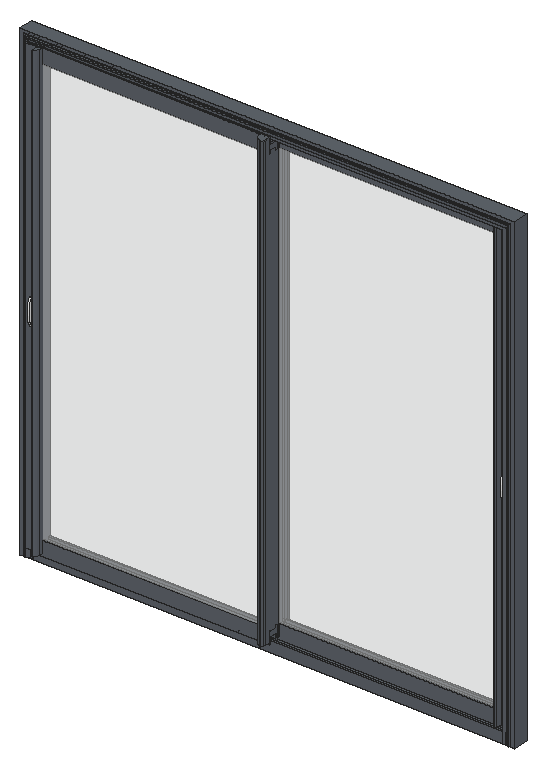
Revit family "Wicslide_65_Glass32_2_leaf_2_track_both_sliding_or_1_fixed_1slide", category Doors, host Wall, Revit 2014 (continued)
Definition of nested family "Leaf_Wicslide_65_G32_2_leaf_2_track_both_sliding_or_1_fixed_1slide"
  Definition of nested family "wicona_handle_2d"
    Lines and regions (mm)
      model lines, style "PIECES", in view "Ref. Level", detail levels fine
        curve 41: line (19.257, -9.888, 0) -> (19.59, -10.831, 0)
        curve 42: line (19.59, -10.831, 0) -> (19.895, -11.783, 0)
        curve 43: line (19.895, -11.783, 0) -> (20.172, -12.744, 0)
        curve 44: line (20.172, -12.744, 0) -> (20.422, -13.712, 0)
        curve 45: line (20.422, -13.712, 0) -> (20.645, -14.687, 0)
        curve 46: line (20.645, -14.687, 0) -> (20.841, -15.667, 0)
        curve 47: line (20.841, -15.667, 0) -> (21.011, -16.653, 0)
        curve 48: line (21.011, -16.653, 0) -> (21.043, -16.863, 0)
        curve 49: line (21.043, -16.863, 0) -> (20.974, -17.852, 0)
        curve 50: line (20.974, -17.852, 0) -> (20.702, -18.43, 0)
        curve 51: line (20.702, -18.43, 0) -> (20.014, -19.149, 0)
        curve 52: line (20.014, -19.149, 0) -> (19.107, -19.554, 0)
        curve 53: line (19.107, -19.554, 0) -> (18.664, -19.6, 0)
        curve 54: line (18.664, -19.6, 0) -> (16.934, -19.6, 0)
        curve 55: line (16.934, -19.6, 0) -> (15.934, -19.6, 0)
        curve 56: line (15.934, -19.6, 0) -> (14.934, -19.6, 0)
        curve 57: line (14.934, -19.6, 0) -> (13.934, -19.6, 0)
        curve 58: line (13.934, -19.6, 0) -> (13.413, -19.6, 0)
        curve 59: line (13.413, -19.6, 0) -> (12.446, -19.377, 0)
        curve 60: line (12.446, -19.377, 0) -> (11.651, -18.781, 0)
        curve 61: line (11.651, -18.781, 0) -> (11.243, -18.216, 0)
        curve 62: line (11.243, -18.216, 0) -> (10.768, -17.336, 0)
        curve 63: line (10.768, -17.336, 0) -> (10.324, -16.441, 0)
        curve 64: line (10.324, -16.441, 0) -> (9.909, -15.531, 0)
        curve 65: line (9.909, -15.531, 0) -> (9.525, -14.608, 0)
        curve 66: line (9.525, -14.608, 0) -> (9.171, -13.672, 0)
        curve 67: line (9.162, -13.647, 0) -> (8.966, -12.67, 0)
        curve 68: line (8.963, -12.62, 0) -> (8.951, -12.312, 0)
        curve 69: arc (-5.814, -25, 0) -> (-5.429, -25.928, 0) -> (-4.501, -26.312, 0) r 1.312
        curve 70: arc (4.591, -26.312, 0) -> (5.454, -25.955, 0) -> (5.812, -25.091, 0) r 1.221
  Definition of nested family "window_2_pieces_glass_line"
    Parameters (values of type "T32")
      v1 = 5 mm
      line = 10 mm
      built-in parameter 1001306 [instance] = 1200 mm
      Glass Thickness = 32 mm
    Types (2, lengths in mm): name | Glass Thickness
      T24 | 24
      T32 | 32
    Reference planes
      plane 1 "Center (Front/Back)": y = 0
      plane 2: z = 0
      plane 3 "Left": x = 0
      plane 4 "Right": x = 1200
      plane 5: y = 32
      plane 6: y = 5
      plane 7: y = 27
      plane 8: x = 10
      plane 9: x = 1190
    Lines and regions (mm)
      reference lines, in view "Ref. Level"
        curve 1: line (0, 0, 0) -> (1200, 0, 0)
      detail lines, in view "Ref. Level", detail levels medium+fine
        curve 2: line (0, 32, 0) -> (1200, 32, 0)
        curve 3: line (0, 0, 0) -> (1200, 0, 0)
      detail lines, in view "Ref. Level", detail levels fine
        curve 4: line (0, 27, 0) -> (1200, 27, 0)
        curve 5: line (0, 5, 0) -> (1200, 5, 0)
      model lines, style "DetailComponents", in view "Ref. Level", detail levels fine
        curve 6: line (10, 27, 0) -> (10, 5, 0)
      detail lines, style "DetailComponents", in view "Ref. Level", detail levels fine
        curve 7: line (1190, 27, 0) -> (1190, 5, 0)
      model lines, style "DetailComponents", in view "Ref. Level", detail levels medium+fine
        curve 8: line (1200, 32, 0) -> (1200, 0, 0)
      detail lines, style "DetailComponents", in view "Ref. Level", detail levels medium+fine
        curve 9: line (0, 32, 0) -> (0, 0, 0)
    Dimensions and locks
      "built-in parameter 1001306": plane 3 "Left" to plane 4 "Right"
      "Glass Thickness": plane 5 to plane 1 "Center (Front/Back)"
      plane 5 to plane 1 "Center (Front/Back)" = 32 mm
      "v1": plane 5 to plane 7
      "v1": plane 6 to plane 1 "Center (Front/Back)"
      "line": plane 3 "Left" to plane 8
      "line": plane 9 to plane 4 "Right"
      aligned and locked: plane 1 "Center (Front/Back)" to curve 1
      aligned and locked: plane 3 "Left" to curve 1
      aligned and locked: plane 4 "Right" to curve 1
      aligned and locked: plane 5 to curve 2
      aligned and locked: plane 7 to curve 4
      aligned and locked: plane 6 to curve 5
      aligned and locked: curve 5 to curve 6
      aligned and locked: curve 6 to plane 8
      aligned and locked: curve 5 to curve 7
      aligned and locked: curve 7 to plane 9
      aligned and locked: plane 1 "Center (Front/Back)" to curve 9
      aligned and locked: curve 9 to plane 3 "Left"
      aligned and locked: curve 2 to curve 8
      aligned and locked: curve 3 to curve 8
      aligned and locked: curve 8 to plane 4 "Right"
      aligned and locked: curve 4 to curve 7
      aligned and locked: curve 4 to curve 6
    Automatic sketch dimensions
      curve 5 to plane 4 "Right" = 0 mm
      curve 4 to plane 4 "Right" = 0 mm
      curve 3 to plane 4 "Right" = 0 mm
      curve 2 to plane 4 "Right" = 0 mm
Definition of nested family "Leaf_Wicslide_65_G32_2_leaf_2_track_both_sliding_or_1_fixed_1slide_right"
  Parameters (values of type "Leaf_Wicslide_65_G32_2_leaf_2_track_both_sliding_or_1_fixed_1slide_right")
    Sash meeting 3041252 = yes
    Sash meeting 3041250 = no
    Sash meeting 3041251 = no
    Sash 1041273 = no
    Sash 1041270 = no
    Sash 1041271 = yes
    Sash 1041272 = no
    Profil Bottom = 4 mm
    Handle Distance = if(Sash 1041270, 22 mm, if(Sash 1041271, 45 mm, if(Sash 1041272, 42 mm, 22 mm)))  # 45 mm
    Leaf Width = 896 mm
    Leaf Material = Aluminium
    Leaf Height = 1927.194 mm
    Handle Material = Aluminium
    Handle Height = 850 mm  # constant formula
    Glass Width = 32 mm
    Glass Offset 2 = 7 mm  # constant formula
    Glass Offset = 46.1 mm  # constant formula
    Glass Material = WICONA -  Glass
    Glas Offset Bottom = 46.6 mm
    Frame Material = Aluminium
    16 = 16 mm
  Reference planes
    plane 1 "Center (Front/Back)": y = 0
    plane 2: z = 0
    plane 3 "Center (Left/Right)": x = 0
    plane 4: x = 896
    plane 5: z = 1927.194
    plane 6: x = 46.1
    plane 7: x = 889
    plane 8: z = 1880.594
    plane 9: z = 46.6
    plane 10: z = 896.6
    plane 11: x = 58.1
    plane 12: y = -16
    plane 13: y = 16
    plane 14: x = -3.312
    plane 15: x = 899.312
    plane 16: z = 46.6
    plane 17: y = -45
    plane 18: x = 20
    plane 19: z = 960.237
    plane 20: x = -1.516
    plane 21: y = -21.816
    plane 22: z = -5.306
    plane 23: z = 25
    plane 24: x = 914.975
    plane 25: z = 1937.694
    plane 26: z = 1907.694
    plane 27: z = 4
    plane 28: x = -9.9
  Forms (mm)
    Sweep 1, solid, material "Aluminium" <- "Leaf Material", visible <- "Sash 1041270"
      path origin (-1.381, 0, 34.551) x (1, 0, 0) y (0, 0, 1)
        loop
          line (0, -30.551) -> (0, 1897.873)
      profile origin (-1.381, 0, 968.212) x (-1, 0, 0) y (0, -1, 0)
        loop
          line (-59.481, -22) -> (8.519, -22) -> (8.519, -16.6) -> (-10.369, -16.6) -> (-10.369, 16.6) -> (8.519, 16.6) -> (8.519, 22) -> (-59.395, 22) -> (-59.395, 16) -> (-47.481, 16) -> (-47.481, -16) -> (-59.481, -16) -> (-59.481, -22)
    Extrusion 2, solid, material "WICONA -  Glass" <- "Glass Material", detail levels medium+fine
      sketch origin (-214.248, -550.766, -473.088) x (1, 0, 0) y (0, 0, 1)
        loop
          line (260.348, 2353.682) -> (260.348, 519.688) -> (1103.248, 519.688) -> (1103.248, 2353.682) -> (260.348, 2353.682)
      from -566.766 to -534.766
    Sweep 3, solid, material "Aluminium" <- "Leaf Material"
      path origin (0, 0, 0) x (1, 0, 0) y (0, 0, 1)
        loop
          line (8.988, 0) -> (914.975, 0)
      profile origin (461.982, 0, 0) x (0, 0, 1) y (0, -1, 0)
        loop
          line (-5.306, -20.1) -> (58.694, -20.1) -> (58.694, -16) -> (46.634, -16) -> (46.634, 16) -> (58.694, 16) -> (58.694, 20.1) -> (-5.306, 20.1) -> (-5.306, 16.6) -> (5.236, 16.6) -> (5.236, 18.5) -> (25.914, 18.5) -> (25.914, -18.502) -> (5.236, -18.502) -> (5.236, -16.602) -> (-5.306, -16.602) -> (-5.306, -20.1)
    Sweep 4, solid, material "Aluminium" <- "Leaf Material", visible <- "Sash meeting 3041250"
      path origin (0, 0, 0) x (1, 0, 0) y (0, 0, 1)
        loop
          line (896, 1932.424) -> (896, 4)
      profile origin (896, 0, 968.212) x (0, -1, 0) y (1, 0, 0)
        loop
          line (-22, -19.112) -> (-16, -19.112) -> (-16, -7.023) -> (16, -7.023) -> (16, -19.112) -> (22.3, -19.112) -> (22.3, 0) -> (25.992, 0) -> (25.992, 18.975) -> (-22, 18.975) -> (-22, -19.112)
    Sweep 5, solid, material "Aluminium" <- "Leaf Material", visible <- "Sash 1041273"
      path origin (0, 0, 0) x (1, 0, 0) y (0, 0, 1)
        loop
          line (0, 4) -> (0, 1932.424)
      profile origin (0, 0, 968.212) x (-1, 0, 0) y (0, -1, 0)
        loop
          line (9.9, -22) -> (9.9, -16.517) -> (-12.05, -16.517) -> (-12.05, 16.671) -> (9.9, 16.671) -> (9.9, 22) -> (-41.1, 22) -> (-41.1, 47) -> (-42.787, 54.915) -> (-43.872, 56) -> (-47.182, 56)
          arc (-47.182, 56) -> (-54.565, 44.34) -> (-58.1, 31) r 45.352
          line (-58.1, 31) -> (-58.1, -22) -> (9.9, -22)
    Sweep 6, solid, material "Aluminium" <- "Leaf Material", visible <- "Sash 1041272"
      path origin (0, 0, 0) x (1, 0, 0) y (0, 0, 1)
        loop
          line (0, 4) -> (0, 1932.424)
      profile origin (0, 0, 968.212) x (-1, 0, 0) y (0, -1, 0)
        loop
          line (-58.1, -22) -> (9.9, -22) -> (9.9, -16) -> (-8.988, -16) -> (-8.988, 16) -> (9.9, 16) -> (9.9, 22) -> (-6.1, 22) -> (-6.1, 41.999) -> (-58.1, 41.999) -> (-58.1, 16) -> (-46.1, 16) -> (-46.1, -16) -> (-58.1, -16) -> (-58.1, -22)
    Sweep 7, solid, material "Aluminium" <- "Leaf Material", visible <- "Sash 1041271"
      path origin (0, 0, 0) x (1, 0, 0) y (0, 0, 1)
        loop
          line (0, 4) -> (0, 1932.424)
      profile origin (0, 0, 968.212) x (-1, 0, 0) y (0, -1, 0)
        loop
          line (9.9, -22) -> (9.9, -16.6) -> (-8.988, -16.6) -> (-8.988, 16.6) -> (9.9, 16.6) -> (9.9, 45) -> (-58.1, 45) -> (-58.1, 16) -> (-46.136, 16) -> (-46.136, -16) -> (-58.1, -16) -> (-58.1, -22) -> (9.9, -22)
    Sweep 8, solid, material "Aluminium" <- "Leaf Material", visible <- "Sash meeting 3041252"
      path origin (0, 0, 0) x (1, 0, 0) y (0, 0, 1)
        loop
          line (896, 4) -> (896, 1932.424)
      profile origin (896, 0, 968.212) x (-1, 0, 0) y (0, -1, 0)
        loop
          line (0, 25.992) -> (-18.975, 25.992) -> (-18.975, -41.747) -> (-17.979, -49.857) -> (-14.994, -60.998) -> (-13.135, -62) -> (-7.45, -62)
          arc (-7.45, -62) -> (9.037, -49.24) -> (19.026, -30.94) r 50.906
          line (19.026, -30.94) -> (19.026, -16) -> (7, -16) -> (7, 16.183) -> (19.026, 16.183) -> (19.026, 22.3) -> (0, 22.3) -> (0, 25.992)
    Sweep 9, solid, material "Aluminium" <- "Leaf Material", visible <- "Sash meeting 3041251"
      path origin (0, 0, 0) x (1, 0, 0) y (0, 0, 1)
        loop
          line (896, 4) -> (896, 1932.424)
      profile origin (896, 0, 968.212) x (-1, 0, 0) y (0, -1, 0)
        loop
          line (0, 25.992) -> (-18.975, 25.992) -> (-18.975, -57) -> (19.026, -57) -> (19.026, -16) -> (7.023, -16) -> (7.023, 16) -> (19.026, 16) -> (19.026, 22.3) -> (0, 22.3) -> (0, 25.992)
    Sweep 10, solid, material "Aluminium" <- "Leaf Material"
      path origin (0, 0, 5.236) x (1, 0, 0) y (0, 0, 1)
        loop
          line (12.05, 1927.194) -> (914.975, 1927.194)
      profile origin (463.512, 0, 1932.43) x (0, 0, 1) y (0, -1, 0)
        loop
          line (-0.006, 20.1) -> (-64.007, 20.1) -> (-64.007, 16) -> (-51.87, 16) -> (-51.87, -16) -> (-64.006, -16) -> (-64.006, -20.1) -> (-0.005, -20.1) -> (-0.005, -16.6) -> (-10.505, -16.6) -> (-10.505, -18.5) -> (-31.192, -18.5) -> (-31.192, 18.502) -> (-10.506, 18.502) -> (-10.506, 16.602) -> (-0.006, 16.602) -> (-0.006, 20.1)
    Extrusion 11, void
      sketch origin (0, 0, 0) x (1, 0, 0) y (0, 1, 0)
        loop
          line (889, 16) -> (889, -16) -> (925.276, -16) -> (925.276, 16) -> (889, 16)
      from -5.306 to 25
    Extrusion 12, void
      sketch origin (0, 0, 0) x (1, 0, 0) y (0, 1, 0)
        loop
          line (922.34, 16) -> (889, 16) -> (889, -16) -> (922.34, -16) -> (922.34, 16)
      from -5.306 to 25
    Extrusion 13, void
      sketch origin (0, 0, 140) x (1, 0, 0) y (0, 1, 0)
        loop
          line (922.34, 16) -> (889, 16) -> (889, -16) -> (922.34, -16) -> (922.34, 16)
      from 1767.694 to 1797.694
  Cuts and joins
    Extrusion 11, Extrusion 12 cuts Extrusion 2
    Extrusion 11, Extrusion 12 cuts Sweep 3
    Extrusion 11, Extrusion 12, Extrusion 13 cuts Sweep 9
    Extrusion 12, Extrusion 13 cuts Sweep 4
    Extrusion 12, Extrusion 13 cuts Sweep 8
  Lines and regions (mm)
    symbolic lines, style "GenericModel", detail levels medium+fine
      curve 1: line (0, 16, 1880.594) -> (0, 16, 46.6)
      curve 2: line (0, -16, 1880.594) -> (0, -16, 46.6)
      curve 3: line (0, 0, 1880.594) -> (0, 0, 46.6)
  Dimensions and locks
    "Leaf Width": plane 3 "Center (Left/Right)" to plane 4
    "Leaf Height": plane 5 to level
    "Glass Offset": plane 3 "Center (Left/Right)" to plane 6
    "Glass Offset 2": plane 7 to plane 4
    "Glas Offset Bottom": plane 5 to plane 8
    level to plane 10 = 896.6 mm
    "Handle Height": plane 10 to plane 9
    "Glas Offset Bottom": plane 9 to level
    locked: plane 3 "Center (Left/Right)" to plane 14 at 3.312
    locked: plane 15 to plane 4 at 3.312
    locked: plane 3 "Center (Left/Right)" to plane 18 at 20
    "Handle Distance": plane 17 to plane 1 "Center (Front/Back)"
    plane 19 to level = 960.237 mm
    plane 21 to plane 1 "Center (Front/Back)" = 21.816 mm
    plane 23 to level to plane 22 = 25 mm locked, 5.306 mm locked
    locked: plane 4 to plane 24 at 18.975
    plane 25 to plane 5 to plane 26 = 10.5 mm locked, 19.5 mm locked
    "Profil Bottom": plane 27 to level
    "Glass Width": plane 12 to plane 13
    "16": plane 1 "Center (Front/Back)" to plane 13
    locked: nested 5 to plane 3 "Center (Left/Right)" at 9.9
    aligned and locked: level to plane 2
    aligned and locked: plane 9 to plane 16
    aligned and locked: nested 2 to level
    aligned and locked: nested 2 to plane 1 "Center (Front/Back)"
    aligned and locked: Extrusion 2 to plane 6
    aligned and locked: plane 7 to Extrusion 2
    aligned and locked: plane 8 to Extrusion 2
    aligned and locked: Extrusion 2 to plane 9
    aligned and locked: Extrusion 2 to plane 13
    aligned and locked: plane 12 to Extrusion 2
    aligned and locked: plane 17 to nested 7
    aligned and locked: nested 7 to plane 18
    aligned and locked: plane 19 to nested 7
    aligned and locked: plane 1 "Center (Front/Back)" to nested 8
    aligned and locked: Sweep 10 to Sweep 4 sketch curve
    aligned and locked: Sweep 10 to Sweep 9 sketch curve
    aligned and locked: Sweep 10 to Sweep 8 sketch curve
    aligned and locked: Sweep 10 to Sweep 7 sketch curve
    aligned and locked: Sweep 10 to Sweep 6 sketch curve
    aligned and locked: Sweep 10 to Sweep 5 sketch curve
    aligned and locked: Sweep 10 to Sweep 1 sketch curve
    aligned and locked: Sweep 7 to Sweep 3 sketch curve
    aligned and locked: nested 9 to plane 17
    aligned and locked: nested 9 to plane 18
    aligned and locked: plane 23 to cut or joined group of Sweep 9, Extrusion 11, Extrusion 12, Extrusion 13
    aligned and locked: cut or joined group of Sweep 9, Extrusion 11, Extrusion 12, Extrusion 13 to plane 22
    aligned and locked: cut or joined group of Sweep 9, Extrusion 11, Extrusion 12, Extrusion 13 to plane 7
    aligned and locked: plane 27 to Sweep 9 sketch curve
    aligned and locked: plane 27 to Sweep 4 sketch curve
    aligned and locked: plane 27 to Sweep 7 sketch curve
    aligned and locked: plane 27 to Sweep 6 sketch curve
    aligned and locked: plane 27 to Sweep 5 sketch curve
    aligned and locked: plane 27 to Sweep 1 sketch curve
    aligned and locked: plane 27 to Sweep 8 sketch curve
    aligned and locked: nested 10 to plane 8
    aligned and locked: nested 10 to plane 9
    aligned and locked: nested 1 to plane 1 "Center (Front/Back)"
    aligned and locked: plane 3 "Center (Left/Right)" to nested 1
    aligned and locked: nested 3 to plane 3 "Center (Left/Right)"
    aligned and locked: nested 3 to plane 1 "Center (Front/Back)"
    aligned and locked: nested 4 to plane 3 "Center (Left/Right)"
    aligned and locked: nested 4 to plane 1 "Center (Front/Back)"
    aligned and locked: plane 7 to nested 11
    aligned and locked: plane 6 to nested 11
    aligned and locked: plane 12 to nested 11
    aligned and locked: plane 12 to nested 10
    aligned and locked: cut or joined group of Sweep 8, Extrusion 12, Extrusion 13 to plane 7  (x2)
    aligned and locked: cut or joined group of Sweep 8, Extrusion 12, Extrusion 13 to plane 22
    aligned and locked: plane 23 to cut or joined group of Sweep 8, Extrusion 12, Extrusion 13
    aligned and locked: plane 25 to cut or joined group of Sweep 8, Extrusion 12, Extrusion 13
    aligned and locked: cut or joined group of Sweep 8, Extrusion 12, Extrusion 13 to plane 26
    aligned and locked: plane 5 to nested 8
    aligned and locked: nested 14 to plane 4
    aligned and locked: nested 14 to plane 1 "Center (Front/Back)"
    aligned and locked: nested 12 to plane 1 "Center (Front/Back)"
    aligned and locked: nested 12 to plane 4
    aligned and locked: nested 13 to plane 1 "Center (Front/Back)"
    aligned and locked: nested 13 to plane 4
    aligned and locked: nested 5 to plane 1 "Center (Front/Back)"
    aligned and locked: nested 5 to plane 3 "Center (Left/Right)"
    aligned and locked: nested 5 to nested 6
    aligned and locked: nested 6 to plane 1 "Center (Front/Back)"
  Automatic sketch dimensions
    curve 2 to plane 8 = 0 mm
    curve 2 to plane 12 = 0 mm
    curve 3 to plane 1 "Center (Front/Back)" = 0 mm
    curve 1 to plane 9 = 0 mm
    curve 1 to plane 13 = 0 mm
    curve 2 to plane 9 = 0 mm
    curve 3 to plane 9 = 0 mm
    curve 3 to plane 8 = 0 mm
    curve 1 to plane 8 = 0 mm
    plane 20 to Sweep 1 sketch curve = 0.135 mm
    Sweep 1 sketch curve to profile plane = 22 mm
    profile plane to Sweep 1 sketch curve = 59.481 mm
    Sweep 1 sketch curve to Sweep 1 sketch curve = 0.086 mm
    Sweep 1 sketch curve to Sweep 1 sketch curve = 11.914 mm
    profile plane to Sweep 1 sketch curve = 10.369 mm
    Sweep 1 sketch curve to profile plane = 8.519 mm  (x2)
    Sweep 1 sketch curve to Sweep 1 sketch curve = 5.4 mm  (x2)
    Sweep 1 sketch curve to Sweep 1 sketch curve = 6 mm
    profile plane to Sweep 1 sketch curve = 16 mm
    profile plane to Sweep 1 sketch curve = 16.6 mm
    Extrusion 2 sketch curve to plane 6 = 0 mm
    Extrusion 2 sketch curve to plane 7 = 0 mm
    Extrusion 2 sketch curve to plane 9 = 0 mm
    Extrusion 2 sketch curve to plane 8 = 0 mm
    Sweep 3 sketch curve to level = 0 mm
    profile plane to Sweep 3 sketch curve = 5.306 mm  (x2)
    Sweep 3 sketch curve to profile plane = 5.236 mm  (x2)
    Sweep 3 sketch curve to Sweep 3 sketch curve = 20.678 mm
    plane 16 to Sweep 3 sketch curve = 0.034 mm
    plane 16 to Sweep 3 sketch curve = 12.094 mm  (x2)
    Sweep 3 sketch curve to plane 1 "Center (Front/Back)" = 20.1 mm
    Sweep 3 sketch curve to plane 1 "Center (Front/Back)" = 18.502 mm
    Sweep 3 sketch curve to Sweep 3 sketch curve = 3.498 mm
    Sweep 3 sketch curve to Sweep 3 sketch curve = 4.1 mm  (x2)
    plane 1 "Center (Front/Back)" to Sweep 3 sketch curve = 16 mm
    plane 1 "Center (Front/Back)" to Sweep 3 sketch curve = 16.6 mm
    Sweep 3 sketch curve to Sweep 3 sketch curve = 1.9 mm
    Sweep 4 sketch curve to plane 4 = 0 mm
    Sweep 5 sketch curve to plane 3 "Center (Left/Right)" = 0 mm
    profile plane to Sweep 5 sketch curve = 58.1 mm
    Sweep 5 sketch curve to Sweep 5 sketch curve = 10.918 mm
    Sweep 5 sketch curve to Sweep 5 sketch curve = 3.31 mm
    Sweep 5 sketch curve to Sweep 5 sketch curve = 1.085 mm  (x2)
    Sweep 5 sketch curve to Sweep 5 sketch curve = 1.687 mm
    profile plane to Sweep 5 sketch curve = 13.004 mm
    Sweep 5 sketch curve to Sweep 5 sketch curve = 0.954 mm
    Sweep 5 sketch curve to profile plane = 9.9 mm  (x2)
    Sweep 5 sketch curve to plane 1 "Center (Front/Back)" = 22 mm
    Sweep 5 sketch curve to plane 1 "Center (Front/Back)" = 16.517 mm
    plane 1 "Center (Front/Back)" to Sweep 5 sketch curve = 16.671 mm
    Sweep 5 sketch curve to Sweep 5 sketch curve = 5.329 mm
    Sweep 5 sketch curve to Sweep 5 sketch curve = 9.518 mm
    Sweep 5 sketch curve to Sweep 5 sketch curve = 9 mm  (x2)
    Sweep 6 sketch curve to plane 3 "Center (Left/Right)" = 0 mm
    Sweep 6 sketch curve to plane 1 "Center (Front/Back)" = 22 mm
    profile plane to Sweep 6 sketch curve = 58.1 mm
    Sweep 6 sketch curve to Sweep 6 sketch curve = 0 mm
    Sweep 6 sketch curve to Sweep 6 sketch curve = 12 mm
    profile plane to Sweep 6 sketch curve = 8.988 mm
    profile plane to Sweep 6 sketch curve = 6.1 mm
    Sweep 6 sketch curve to profile plane = 9.9 mm  (x2)
    Sweep 6 sketch curve to Sweep 6 sketch curve = 6 mm  (x2)
    Sweep 6 sketch curve to plane 1 "Center (Front/Back)" = 16 mm
    plane 1 "Center (Front/Back)" to Sweep 6 sketch curve = 16 mm  (x2)
    Sweep 6 sketch curve to Sweep 6 sketch curve = 19.999 mm
    Sweep 7 sketch curve to plane 3 "Center (Left/Right)" = 0 mm
    profile plane to Sweep 7 sketch curve = 58.1 mm
    Sweep 7 sketch curve to Sweep 7 sketch curve = 0 mm
    Sweep 7 sketch curve to Sweep 7 sketch curve = 11.964 mm
    profile plane to Sweep 7 sketch curve = 8.988 mm
    Sweep 7 sketch curve to profile plane = 9.9 mm  (x2)
    Sweep 7 sketch curve to plane 1 "Center (Front/Back)" = 22 mm
    Sweep 7 sketch curve to Sweep 7 sketch curve = 5.4 mm
    Sweep 7 sketch curve to Sweep 7 sketch curve = 6 mm
    plane 1 "Center (Front/Back)" to Sweep 7 sketch curve = 16 mm
    plane 1 "Center (Front/Back)" to Sweep 7 sketch curve = 16.6 mm
    Sweep 7 sketch curve to Sweep 7 sketch curve = 28.4 mm
    Sweep 8 sketch curve to plane 4 = 0 mm
    Sweep 9 sketch curve to plane 4 = 0 mm
    plane 5 to Sweep 10 sketch curve = 5.236 mm
    Sweep 10 sketch curve to plane 24 = 0 mm
    plane 18 to Sweep 10 sketch curve = 7.95 mm
    Extrusion 11 sketch curve to plane 7 = 0 mm
    plane 12 to Extrusion 11 sketch curve = 0 mm
    plane 13 to Extrusion 11 sketch curve = 0 mm
    plane 24 to Extrusion 11 sketch curve = 10.301 mm
    Extrusion 12 sketch curve to plane 7 = 0 mm
    plane 12 to Extrusion 12 sketch curve = 0 mm
    plane 13 to Extrusion 12 sketch curve = 0 mm
    plane 24 to Extrusion 12 sketch curve = 7.365 mm
    plane 7 to Extrusion 13 sketch curve = 0 mm
    plane 12 to Extrusion 13 sketch curve = 0 mm
    plane 13 to Extrusion 13 sketch curve = 0 mm
    plane 24 to Extrusion 13 sketch curve = 7.365 mm
    plane 1 "Center (Front/Back)" to Sweep 10 sketch curve = 20.1 mm
    profile plane to Sweep 10 sketch curve = 64.007 mm
    Sweep 10 sketch curve to plane 1 "Center (Front/Back)" = 16 mm
    Sweep 10 sketch curve to Sweep 10 sketch curve = 0.001 mm
    Sweep 10 sketch curve to Sweep 10 sketch curve = 12.136 mm
    Sweep 10 sketch curve to Sweep 10 sketch curve = 20.678 mm
    profile plane to Sweep 10 sketch curve = 10.506 mm
    profile plane to Sweep 10 sketch curve = 10.505 mm
    profile plane to Sweep 10 sketch curve = 0.006 mm
    profile plane to Sweep 10 sketch curve = 0.005 mm
    Sweep 10 sketch curve to plane 1 "Center (Front/Back)" = 16.6 mm
    Sweep 10 sketch curve to Sweep 10 sketch curve = 1.9 mm
    Sweep 10 sketch curve to Sweep 10 sketch curve = 4.1 mm  (x2)
    Sweep 10 sketch curve to Sweep 10 sketch curve = 3.498 mm
    plane 1 "Center (Front/Back)" to Sweep 10 sketch curve = 18.502 mm
    profile plane to Sweep 8 sketch curve = 7.45 mm
    Sweep 8 sketch curve to Sweep 8 sketch curve = 5.685 mm
    Sweep 8 sketch curve to Sweep 8 sketch curve = 1.859 mm
    Sweep 8 sketch curve to Sweep 8 sketch curve = 2.985 mm
    Sweep 8 sketch curve to Sweep 8 sketch curve = 0.996 mm
    Sweep 8 sketch curve to Sweep 8 sketch curve = 10.729 mm
    Sweep 8 sketch curve to profile plane = 7 mm
    Sweep 8 sketch curve to Sweep 8 sketch curve = 12.026 mm  (x2)
    Sweep 8 sketch curve to Sweep 8 sketch curve = 6.117 mm
    Sweep 8 sketch curve to Sweep 8 sketch curve = 32.183 mm
    Sweep 8 sketch curve to Sweep 8 sketch curve = 0.215 mm
    Sweep 8 sketch curve to Sweep 8 sketch curve = 14.94 mm
    Sweep 8 sketch curve to Sweep 8 sketch curve = 20.253 mm
    Sweep 8 sketch curve to Sweep 8 sketch curve = 8.11 mm
    Sweep 8 sketch curve to Sweep 8 sketch curve = 1.002 mm
    Sweep 8 sketch curve to profile plane = 0 mm
    Sweep 8 sketch curve to Sweep 8 sketch curve = 3.692 mm
    plane 1 "Center (Front/Back)" to Sweep 8 sketch curve = 25.992 mm
    profile plane to Sweep 9 sketch curve = 18.975 mm
    Sweep 9 sketch curve to profile plane = 7.023 mm
    Sweep 9 sketch curve to profile plane = 19.026 mm
    Sweep 9 sketch curve to Sweep 9 sketch curve = 12.003 mm
    Sweep 9 sketch curve to plane 1 "Center (Front/Back)" = 57 mm
    Sweep 9 sketch curve to Sweep 9 sketch curve = 41 mm
    Sweep 9 sketch curve to Sweep 9 sketch curve = 32 mm
    Sweep 9 sketch curve to Sweep 9 sketch curve = 6.3 mm
    Sweep 9 sketch curve to Sweep 9 sketch curve = 3.692 mm
    Sweep 9 sketch curve to profile plane = 0 mm
    Sweep 4 sketch curve to profile plane = 0 mm
    Sweep 4 sketch curve to plane 1 "Center (Front/Back)" = 22 mm
    Sweep 4 sketch curve to Sweep 4 sketch curve = 6 mm
    profile plane to Sweep 4 sketch curve = 7.023 mm
    plane 1 "Center (Front/Back)" to Sweep 4 sketch curve = 16 mm
    Sweep 4 sketch curve to Sweep 4 sketch curve = 6.3 mm
    Sweep 4 sketch curve to Sweep 4 sketch curve = 3.692 mm
    Sweep 4 sketch curve to Sweep 4 sketch curve = 12.089 mm  (x2)
    Sweep 4 sketch curve to profile plane = 18.975 mm
    Sweep 3 sketch curve to plane 24 = 0 mm
  Nested families
    nested 1: "Sash Verticals_1041270" at (-9.9, 22, 0), visible <- "Sash 1041270", type "Sash Verticals_1041270"
    nested 2: "Sash_horizontal_1041274" at (0, 0, 0) x (0, 1, 0) z (1, 0, 0), type "Sash_horizontal_1041274"
    nested 3: "Sash Verticals_1041271" at (-9.9, 22, 0), visible <- "Sash 1041271", type "Sash Verticals_1041271"
    nested 4: "Sash Verticals_1041272" at (-9.9, 22, 0), visible <- "Sash 1041272", type "Sash Verticals_1041272"
    nested 5: "Sash Verticals_1041273" at (-9.9, 22, 0), visible <- "Sash 1041273", type "Sash Verticals_1041273"
    nested 6: "Sash_lock" at (-9.9, 18, 0), type "Sash_lock"
    nested 7: "wicona_handle_2" at (20, -45, 956.633) x (-1, 0, 0) z (0, 0, 1), type "wicona_handle_2", detail levels medium+fine
    nested 8: "Sash_horizontal_1041274" at (0, 0, 1927.194) x (0, -1, 0) z (1, 0, 0), type "Sash_horizontal_1041274"
    nested 9: "wicona_handle_2d" at (20, -45, 0), type "wicona_handle_2d"
    nested 10: "window_2_pieces_glass_line" at (0, -16, 1880.594) x (0, 0, -1) z (1, 0, 0), type "T32"
      with built-in parameter 1001306 6.017 (stored number, unit not read)
    nested 11: "window_2_pieces_glass_line" at (46.1, -16, 0), type "T32"
      with built-in parameter 1001306 2.7654 (stored number, unit not read)
    nested 12: "Sash meeting 3041251" at (896, -18, 0), visible <- "Sash meeting 3041251", type "Sash meeting_3041251"
    nested 13: "Sash meeting 3041250" at (896, -18, 0), visible <- "Sash meeting 3041250", type "Sash meeting 3041250"
    nested 14: "Sash meeting 3041252" at (896, -18, 0), visible <- "Sash meeting 3041252", type "Sash meeting_3041252"
  Definition of nested family "wicona_handle_2"
    Parameters (values of type "wicona_handle_2")
      Leaf Thickness = 119.445 mm
      Handle Material = Aluminium
    Reference planes
      plane 1 "Center (Front/Back)": y = 0
      plane 2: z = 0
      plane 3 "Center (Left/Right)": x = 0
      plane 4: x = -12.5
      plane 5: x = 12.5
      plane 6: y = -25
    Forms (mm)
      Extrusion 1, solid, material "Aluminium" <- "Handle Material"
        sketch origin (0, 0, 0) x (1, 0, 0) y (0, 0, 1)
          loop
            line (0, 24.936) -> (0, -24.936)
            arc (0, -24.936) -> (9.865, 0) -> (0, 24.936) r 36.45
        from 0 to 7.131
      Extrusion 2, solid, material "Aluminium" <- "Handle Material"
        sketch origin (0, 0, 0) x (0, 1, 0) y (0, 0, 1)
          loop
            line (0, 61.209) -> (-11.38, 61.209)
            arc (-11.38, 61.209) -> (-25.13, 4.31) -> (-11.38, -52.589) r 124.599
            line (-11.38, -52.589) -> (0, -52.589) -> (0, 61.209)
        from -4.798 to 4.287
      Extrusion 3, solid, material "Aluminium" <- "Handle Material"
        sketch origin (-0.471, 0, 3.281) x (0.788011, 0, 0.615661) y (-0.615661, 0, 0.788011)
          loop
            line (-12.5, 3.457) -> (-12.5, -1.543) -> (2.5, -1.543) -> (2.5, 3.457) -> (-12.5, 3.457)
        from 0 to 7.131
    Dimensions and locks
      aligned and locked: level to plane 2
  Definition of nested family "Sash Verticals_1041270"
    Reference planes
      plane 1 "Center (Front/Back)": y = 0
      plane 2: z = 0
      plane 3 "Center (Left/Right)": x = 0
      plane 4: y = -44
      plane 5: y = -22
      plane 6: y = -6
      plane 7: y = -38
    Lines and regions (mm)
      Filled region 1, type "Concrete", in view "Ref. Level", detail levels medium
        outline origin (18.997, 3.58, 0) x (1, 0, 0) y (0, 1, 0)
          loop
            line (-18.997, -3.58) -> (-18.997, -8.98) -> (-9.097, -8.98) -> (-9.097, -5.18) -> (-0.109, -5.18) -> (-0.109, -45.98) -> (-9.097, -45.98) -> (-9.097, -42.18) -> (-18.997, -42.18) -> (-18.997, -47.58) -> (49.003, -47.58) -> (49.003, -41.58) -> (37.039, -41.58) -> (37.039, -9.58) -> (49.003, -9.58) -> (49.003, -3.58) -> (-18.997, -3.58)
      model lines, style "GLAS", in view "Ref. Level", detail levels fine
        curve 1: line (56.036, -2.324, 0) -> (56.036, -40.117, 0)
  Definition of nested family "Sash_horizontal_1041274"
    Reference planes
      plane 1 "Center (Front/Back)": y = 0
      plane 2: z = 0
      plane 3 "Center (Left/Right)": x = 0
      plane 4: y = -5.264
      plane 5: y = 46.634
      plane 6: x = -16
      plane 7: x = 16
    Lines and regions (mm)
      Filled region 1, type "Concrete", in view "Ref. Level", detail levels medium
        outline origin (18.997, 3.58, 0) x (1, 0, 0) y (0, 1, 0)
          loop
            line (-39.097, -8.845) -> (-35.597, -8.845) -> (-35.597, 1.655) -> (-37.497, 1.655) -> (-37.497, 22.334) -> (-0.495, 22.334) -> (-0.495, 1.655) -> (-2.394, 1.655) -> (-2.394, -8.845) -> (1.103, -8.845) -> (1.103, 55.157) -> (-2.997, 55.157) -> (-2.997, 43.054) -> (-34.997, 43.054) -> (-34.997, 55.156) -> (-39.097, 55.156) -> (-39.097, -8.845)
      detail lines, style "CENT3", in view "Ref. Level", not visible
        curve 1: line (123.517, -4.599, 0) -> (123.517, -38.599, 0)
      detail lines, style "GLAS", in view "Ref. Level", not visible
        curve 2: line (83.517, -9.599, 0) -> (123.517, -9.599, 0)
        curve 3: line (123.517, -9.599, 0) -> (123.517, -14.599, 0)
        curve 4: line (123.517, -14.599, 0) -> (83.517, -14.599, 0)
        curve 5: line (83.517, -14.599, 0) -> (83.517, -9.599, 0)
        curve 6: line (83.517, -28.599, 0) -> (123.517, -28.599, 0)
        curve 7: line (123.517, -28.599, 0) -> (123.517, -33.599, 0)
        curve 8: line (123.517, -33.599, 0) -> (83.517, -33.599, 0)
        curve 9: line (83.517, -33.599, 0) -> (83.517, -28.599, 0)
        curve 10: line (83.517, -10.599, 0) -> (123.517, -10.599, 0)
        curve 11: line (83.517, -11.599, 0) -> (123.517, -11.599, 0)
        curve 12: line (83.517, -12.599, 0) -> (123.517, -12.599, 0)
        curve 13: line (83.517, -13.599, 0) -> (123.517, -13.599, 0)
        curve 14: line (83.517, -14.599, 0) -> (123.517, -14.599, 0)
        curve 15: line (93.517, -14.599, 0) -> (93.517, -28.599, 0)
        curve 16: line (83.517, -28.599, 0) -> (123.517, -28.599, 0)
        curve 17: line (83.517, -29.599, 0) -> (123.517, -29.599, 0)
        curve 18: line (83.517, -30.599, 0) -> (123.517, -30.599, 0)
        curve 19: line (83.517, -31.599, 0) -> (123.517, -31.599, 0)
        curve 20: line (83.517, -32.599, 0) -> (123.517, -32.599, 0)
        curve 21: line (123.517, -9.599, 0) -> (83.517, -9.599, 0)
        curve 22: line (83.517, -9.599, 0) -> (83.517, -33.599, 0)
        curve 23: line (83.517, -33.599, 0) -> (123.517, -33.599, 0)
      detail lines, style "GLAS", in view "Ref. Level", not visible, detail levels fine
        curve 24: line (56.036, -6.117, 0) -> (96.036, -6.117, 0)
        curve 25: line (96.036, -30.117, 0) -> (56.036, -30.117, 0)
        curve 26: line (96.036, -6.117, 0) -> (56.036, -6.117, 0)
        curve 27: line (56.036, -6.117, 0) -> (56.036, -30.117, 0)
        curve 28: line (56.036, -30.117, 0) -> (96.036, -30.117, 0)
  Definition of nested family "Sash Verticals_1041271"
    Reference planes
      plane 1 "Center (Front/Back)": y = 0
      plane 2: z = 0
      plane 3 "Center (Left/Right)": x = 0
      plane 4: y = -44
      plane 5: y = -22
      plane 6: y = -6
      plane 7: y = -38
    Lines and regions (mm)
      Filled region 1, type "Concrete", in view "Ref. Level", detail levels medium
        outline origin (18.997, 3.58, 0) x (1, 0, 0) y (0, 1, 0)
          loop
            line (-18.997, -3.58) -> (-18.997, -8.98) -> (-9.097, -8.98) -> (-9.097, -5.18) -> (-0.109, -5.18) -> (-0.109, -45.98) -> (-9.097, -45.98) -> (-9.097, -42.18) -> (-18.997, -42.18) -> (-18.997, -70.58) -> (49.003, -70.58) -> (49.003, -41.58) -> (37.039, -41.58) -> (37.039, -9.58) -> (49.003, -9.58) -> (49.003, -3.58) -> (-18.997, -3.58)
      model lines, style "GLAS", in view "Ref. Level", detail levels fine
        curve 1: line (56.036, -2.324, 0) -> (56.036, -40.117, 0)
  Definition of nested family "Sash Verticals_1041272"
    Reference planes
      plane 1 "Center (Front/Back)": y = 0
      plane 2: z = 0
      plane 3 "Center (Left/Right)": x = 0
      plane 4: y = -44
      plane 5: y = -22
      plane 6: y = -6
      plane 7: y = -38
    Lines and regions (mm)
      Filled region 1, type "Concrete", in view "Ref. Level", detail levels medium
        outline origin (18.997, 5.863, 0) x (1, 0, 0) y (0, 1, 0)
          loop
            line (-18.997, -5.863) -> (-18.997, -11.863) -> (-8.997, -11.863) -> (-8.997, -7.463) -> (-0.109, -7.463) -> (-0.109, -48.263) -> (-8.997, -48.263) -> (-8.997, -43.863) -> (-18.997, -43.863) -> (-18.997, -49.863) -> (-2.997, -49.863) -> (-2.997, -69.862) -> (49.003, -69.862) -> (49.003, -43.863) -> (37.039, -43.863) -> (37.039, -11.863) -> (49.003, -11.863) -> (49.003, -5.863) -> (-18.997, -5.863)
      model lines, style "GLAS", in view "Ref. Level", detail levels fine
        curve 1: line (56.036, -2.324, 0) -> (56.036, -40.117, 0)
  Definition of nested family "Sash Verticals_1041273"
    Reference planes
      plane 1 "Center (Front/Back)": y = 0
      plane 2: z = 0
      plane 3 "Center (Left/Right)": x = 0
      plane 4: y = -44
      plane 5: y = -22
      plane 6: y = -6
      plane 7: y = -38
    Lines and regions (mm)
      Filled region 1, type "Concrete", in view "Ref. Level", detail levels medium
        outline origin (18.997, 5.863, 0) x (1, 0, 0) y (0, 1, 0)
          loop
            line (-18.997, -5.863) -> (-18.997, -11.263) -> (-8.997, -11.263) -> (-8.997, -7.463) -> (-0.109, -7.463) -> (-0.109, -48.263) -> (-8.997, -48.263) -> (-8.997, -44.463) -> (-18.997, -44.463) -> (-18.997, -49.863) -> (32.003, -49.863) -> (32.003, -72.818) -> (32.786, -79.191) -> (34.42, -83.863) -> (38.085, -83.863)
            arc (38.085, -83.863) -> (45.505, -72.219) -> (49.003, -58.863) r 44.553
            line (49.003, -58.863) -> (49.003, -43.863) -> (37.039, -43.863) -> (37.039, -11.863) -> (49.003, -11.863) -> (49.003, -5.863) -> (-18.997, -5.863)
      model lines, style "GLAS", in view "Ref. Level", detail levels fine
        curve 1: line (56.036, -2.324, 0) -> (56.036, -40.117, 0)
  Definition of nested family "Sash_lock"
    Reference planes
      plane 1 "Center (Front/Back)": y = 0
      plane 2: z = 0
      plane 3 "Center (Left/Right)": x = 0
      plane 4: y = -36
      plane 5: y = -18
  Definition of nested family "wicona_handle_2d"
    Reference planes
      plane 1 "Center (Front/Back)": y = 0
      plane 2: z = 0
      plane 3 "Center (Left/Right)": x = 0
    Lines and regions (mm)
      Filled region 1, type "Concrete", in view "Ref. Level", detail levels medium
        outline origin (18.997, 3.58, 0) x (1, 0, 0) y (0, 1, 0)
          loop
            line (-32.997, -3.58) -> (-32.997, -9.933) -> (-24.997, -13.663) -> (-24.997, -27.833) -> (-22.937, -29.893) -> (-14.406, -29.893) -> (-13.407, -28.894) -> (-12.884, -13.903) -> (-10.056, -13.145) -> (-10.056, -16.127) -> (-7.132, -23.016) -> (0.376, -23.016) -> (1.978, -21.414) -> (0.932, -15.482) -> (-2.662, -8.313) -> (-7.394, -3.58) -> (-32.997, -3.58)
      model lines, style "PIECES", in view "Ref. Level", detail levels fine
        curve 1: arc (14, -1.6, 0) -> (13.707, -0.893, 0) -> (13, -0.6, 0) r 1
        curve 2: arc (6.221, -10.26, 0) -> (7.596, -9.888, 0) -> (8.949, -9.443, 0) r 26.5
        curve 3: arc (-13.393, -7.367, 0) -> (-9.913, -9.076, 0) -> (-6.221, -10.26, 0) r 26.5
        curve 4: arc (11.211, -7.242, 0) -> (11.535, -6.913, 0) -> (11.677, -6.473, 0) r 1
        curve 5: line (11.793, -0.6, 0) -> (12.052, -0.6, 0)
        curve 6: line (12.052, -0.6, 0) -> (13, -0.6, 0)
        curve 7: line (8.949, -12.262, 0) -> (8.949, -8.492, 0)
        curve 8: line (-4.591, -26.312, 0) -> (4.591, -26.312, 0)
        curve 9: line (-5.814, -25, 0) -> (-6.068, -10.451, 0)
        curve 10: line (-6.068, -10.451, 0) -> (-6.221, -10.26, 0)
        curve 11: line (5.815, -24.927, 0) -> (6.068, -10.451, 0)
        curve 12: line (6.068, -10.451, 0) -> (6.221, -10.26, 0)
        curve 13: line (11.211, -7.242, 0) -> (10.341, -7.762, 0)
        curve 14: line (10.341, -7.762, 0) -> (9.463, -8.24, 0)
        curve 15: line (9.463, -8.24, 0) -> (8.565, -8.68, 0)
        curve 16: line (8.565, -8.68, 0) -> (7.649, -9.083, 0)
        curve 17: line (7.505, -9.142, 0) -> (7.006, -9.364, 0)
        curve 18: line (-13.393, -7.367, 0) -> (-13.886, -6.543, 0)
        curve 19: line (-13.886, -6.543, 0) -> (-14, 0, 0)
        curve 20: line (-14, 0, 0) -> (11.805, 0, 0)
        curve 21: line (11.805, 0, 0) -> (11.786, -1, 0)
        curve 22: line (11.786, -1, 0) -> (11.766, -2, 0)
        curve 23: line (11.766, -2, 0) -> (11.747, -2.999, 0)
        curve 24: line (11.747, -2.999, 0) -> (11.727, -3.999, 0)
        curve 25: line (11.727, -3.999, 0) -> (11.708, -4.999, 0)
        curve 26: line (11.708, -4.999, 0) -> (11.688, -5.999, 0)
        curve 27: line (11.688, -5.999, 0) -> (11.68, -6.413, 0)
        curve 28: line (12.793, -0.754, 0) -> (13.413, -1.137, 0)
        curve 29: line (13.413, -1.137, 0) -> (14.151, -1.812, 0)
        curve 30: line (14.151, -1.812, 0) -> (14.853, -2.523, 0)
        curve 31: line (14.853, -2.523, 0) -> (15.519, -3.269, 0)
        curve 32: line (15.519, -3.269, 0) -> (16.149, -4.046, 0)
        curve 33: line (16.149, -4.046, 0) -> (16.743, -4.851, 0)
        curve 34: line (16.743, -4.851, 0) -> (17.301, -5.68, 0)
        curve 35: line (17.301, -5.68, 0) -> (17.61, -6.174, 0)
        curve 36: line (12.052, -0.6, 0) -> (12.765, -0.743, 0)
        curve 37: line (17.643, -6.231, 0) -> (18.091, -7.125, 0)
        curve 38: line (18.091, -7.125, 0) -> (18.508, -8.034, 0)
        curve 39: line (18.508, -8.034, 0) -> (18.897, -8.955, 0)
        curve 40: line (18.897, -8.955, 0) -> (19.257, -9.888, 0)
        curve 41: line (19.257, -9.888, 0) -> (19.59, -10.831, 0)
        curve 42: line (19.59, -10.831, 0) -> (19.895, -11.783, 0)
        curve 43: line (19.895, -11.783, 0) -> (20.172, -12.744, 0)
        curve 44: line (20.172, -12.744, 0) -> (20.422, -13.712, 0)
        curve 45: line (20.422, -13.712, 0) -> (20.645, -14.687, 0)
        curve 46: line (20.645, -14.687, 0) -> (20.841, -15.667, 0)
        curve 47: line (20.841, -15.667, 0) -> (21.011, -16.653, 0)
        curve 48: line (21.011, -16.653, 0) -> (21.043, -16.863, 0)
        curve 49: line (21.043, -16.863, 0) -> (20.974, -17.852, 0)
        curve 50: line (20.974, -17.852, 0) -> (20.702, -18.43, 0)
        curve 51: line (20.702, -18.43, 0) -> (20.014, -19.149, 0)
        curve 52: line (20.014, -19.149, 0) -> (19.107, -19.554, 0)
        curve 53: line (19.107, -19.554, 0) -> (18.664, -19.6, 0)
        curve 54: line (18.664, -19.6, 0) -> (16.934, -19.6, 0)
        curve 55: line (16.934, -19.6, 0) -> (15.934, -19.6, 0)
        curve 56: line (15.934, -19.6, 0) -> (14.934, -19.6, 0)
        curve 57: line (14.934, -19.6, 0) -> (13.934, -19.6, 0)
        curve 58: line (13.934, -19.6, 0) -> (13.413, -19.6, 0)
        curve 59: line (13.413, -19.6, 0) -> (12.446, -19.377, 0)
        curve 60: line (12.446, -19.377, 0) -> (11.651, -18.781, 0)
        curve 61: line (11.651, -18.781, 0) -> (11.243, -18.216, 0)
        curve 62: line (11.243, -18.216, 0) -> (10.768, -17.336, 0)
        curve 63: line (10.768, -17.336, 0) -> (10.324, -16.441, 0)
        curve 64: line (10.324, -16.441, 0) -> (9.909, -15.531, 0)
        curve 65: line (9.909, -15.531, 0) -> (9.525, -14.608, 0)
        curve 66: line (9.525, -14.608, 0) -> (9.171, -13.672, 0)
        curve 67: line (9.162, -13.647, 0) -> (8.966, -12.67, 0)
        curve 68: line (8.963, -12.62, 0) -> (8.951, -12.312, 0)
        curve 69: arc (-5.814, -25, 0) -> (-5.429, -25.928, 0) -> (-4.501, -26.312, 0) r 1.312
        curve 70: arc (4.591, -26.312, 0) -> (5.454, -25.955, 0) -> (5.812, -25.091, 0) r 1.221
  Definition of nested family "window_2_pieces_glass_line"
    Parameters (values of type "T32")
      v1 = 5 mm
      line = 10 mm
      built-in parameter 1001306 [instance] = 1200 mm
      Glass Thickness = 32 mm
    Types (2, lengths in mm): name | Glass Thickness
      T24 | 24
      T32 | 32
    Reference planes
      plane 1 "Center (Front/Back)": y = 0
      plane 2: z = 0
      plane 3 "Left": x = 0
      plane 4 "Right": x = 1200
      plane 5: y = 32
      plane 6: y = 5
      plane 7: y = 27
      plane 8: x = 10
      plane 9: x = 1190
    Lines and regions (mm)
      reference lines, in view "Ref. Level"
        curve 1: line (0, 0, 0) -> (1200, 0, 0)
      detail lines, in view "Ref. Level", detail levels medium+fine
        curve 2: line (0, 32, 0) -> (1200, 32, 0)
        curve 3: line (0, 0, 0) -> (1200, 0, 0)
      detail lines, in view "Ref. Level", detail levels fine
        curve 4: line (0, 27, 0) -> (1200, 27, 0)
        curve 5: line (0, 5, 0) -> (1200, 5, 0)
      model lines, style "DetailComponents", in view "Ref. Level", detail levels fine
        curve 6: line (10, 27, 0) -> (10, 5, 0)
      detail lines, style "DetailComponents", in view "Ref. Level", detail levels fine
        curve 7: line (1190, 27, 0) -> (1190, 5, 0)
      model lines, style "DetailComponents", in view "Ref. Level", detail levels medium+fine
        curve 8: line (1200, 32, 0) -> (1200, 0, 0)
      detail lines, style "DetailComponents", in view "Ref. Level", detail levels medium+fine
        curve 9: line (0, 32, 0) -> (0, 0, 0)
    Dimensions and locks
      "built-in parameter 1001306": plane 3 "Left" to plane 4 "Right"
      "Glass Thickness": plane 5 to plane 1 "Center (Front/Back)"
      plane 5 to plane 1 "Center (Front/Back)" = 32 mm
      "v1": plane 5 to plane 7
      "v1": plane 6 to plane 1 "Center (Front/Back)"
      "line": plane 3 "Left" to plane 8
      "line": plane 9 to plane 4 "Right"
      aligned and locked: plane 1 "Center (Front/Back)" to curve 1
      aligned and locked: plane 3 "Left" to curve 1
      aligned and locked: plane 4 "Right" to curve 1
      aligned and locked: plane 5 to curve 2
      aligned and locked: plane 7 to curve 4
      aligned and locked: plane 6 to curve 5
      aligned and locked: curve 5 to curve 6
      aligned and locked: curve 6 to plane 8
      aligned and locked: curve 5 to curve 7
      aligned and locked: curve 7 to plane 9
      aligned and locked: plane 1 "Center (Front/Back)" to curve 9
      aligned and locked: curve 9 to plane 3 "Left"
      aligned and locked: curve 2 to curve 8
      aligned and locked: curve 3 to curve 8
      aligned and locked: curve 8 to plane 4 "Right"
      aligned and locked: curve 4 to curve 7
      aligned and locked: curve 4 to curve 6
    Automatic sketch dimensions
      curve 5 to plane 4 "Right" = 0 mm
      curve 4 to plane 4 "Right" = 0 mm
      curve 3 to plane 4 "Right" = 0 mm
      curve 2 to plane 4 "Right" = 0 mm
  Definition of nested family "Sash meeting 3041251"
    Parameters (values of type "Sash meeting 3041251")
      6 = 6 mm
    Reference planes
      plane 1 "Center (Front/Back)": y = 0
      plane 2: z = 0
      plane 3 "Center (Left/Right)": x = 0
      plane 4: y = -40
      plane 5: y = -18
      plane 6: x = 18.975
      plane 7: y = -2
      plane 8: y = -34
      plane 9: y = 4.5
    Lines and regions (mm)
      Filled region 1, type "Concrete", in view "Ref. Level", detail levels medium
        outline origin (18.997, 3.58, 0) x (1, 0, 0) y (0, 1, 0)
          loop
            line (-0.022, -78.58) -> (-0.022, 4.412) -> (-18.997, 4.412) -> (-18.997, 0.72) -> (-38.109, 0.72) -> (-38.109, -5.58) -> (-26.02, -5.58) -> (-26.02, -37.58) -> (-38.109, -37.58) -> (-38.109, -78.58) -> (-0.022, -78.58)
  Definition of nested family "Sash meeting 3041250"
    Parameters (values of type "Sash meeting 3041250")
      6 = 6 mm
    Reference planes
      plane 1 "Center (Front/Back)": y = 0
      plane 2: z = 0
      plane 3 "Center (Left/Right)": x = 0
      plane 4: y = -40
      plane 5: y = -18
      plane 6: x = 18.975
      plane 7: y = -2
      plane 8: y = -34
    Lines and regions (mm)
      Filled region 1, type "Concrete", in view "Ref. Level", detail levels medium
        outline origin (18.997, 3.58, 0) x (1, 0, 0) y (0, 1, 0)
          loop
            line (-0.022, -43.58) -> (-0.022, 4.412) -> (-18.997, 4.412) -> (-18.997, 0.72) -> (-38.109, 0.72) -> (-38.109, -5.58) -> (-26.02, -5.58) -> (-26.02, -37.58) -> (-38.109, -37.58) -> (-38.109, -43.58) -> (-0.022, -43.58)
  Definition of nested family "Sash meeting 3041252"
    Parameters (values of type "Sash meeting 3041252")
      6 = 6 mm
    Reference planes
      plane 1 "Center (Front/Back)": y = 0
      plane 2: z = 0
      plane 3 "Center (Left/Right)": x = 0
      plane 4: y = -40
      plane 5: y = -18
      plane 6: x = 18.975
      plane 7: y = -2
      plane 8: y = -34
      plane 9: y = 4.5
    Lines and regions (mm)
      Filled region 1, type "Concrete", in view "Ref. Level", detail levels medium
        outline origin (18.997, 3.58, 0) x (1, 0, 0) y (0, 1, 0)
          loop
            line (-0.022, -60.28) -> (-0.022, 4.412) -> (-18.997, 4.412) -> (-18.997, 0.72) -> (-38.109, 0.72) -> (-38.109, -5.58) -> (-26.02, -5.58) -> (-26.02, -37.58) -> (-38.109, -37.58) -> (-38.109, -52.434)
            arc (-38.109, -52.434) -> (-28.07, -70.772) -> (-11.546, -83.58) r 51.285
            line (-11.546, -83.58) -> (-4.436, -83.58) -> (-0.022, -60.28)
Definition of nested family "Frame_1041231"
  Reference planes
    plane 1 "Center (Front/Back)": y = 0
    plane 2: z = 0
    plane 3 "Center (Left/Right)": x = 0
  Lines and regions (mm)
    Filled region 1, type "Concrete", in view "Ref. Level", detail levels medium
      outline origin (18.997, 3.58, 0) x (1, 0, 0) y (0, 1, 0)
        loop
          line (-18.997, -3.58) -> (-18.997, -68.58) -> (28.505, -68.58) -> (28.505, -56.58) -> (9.034, -56.58) -> (9.034, -15.58) -> (28.505, -15.58) -> (28.505, -3.58) -> (-18.997, -3.58)
Definition of nested family "Frame_1041226"
  Reference planes
    plane 1 "Center (Front/Back)": y = 0
    plane 2: z = 0
    plane 3 "Center (Left/Right)": x = 0
    plane 4: y = -65
  Lines and regions (mm)
    Filled region 1, type "Concrete", in view "Ref. Level", detail levels medium
      outline origin (18.997, 3.58, 0) x (1, 0, 0) y (0, 1, 0)
        loop
          line (-18.997, -3.58) -> (-18.997, -68.58) -> (-2.997, -68.58) -> (-2.997, -63.512) -> (-1.065, -61.58) -> (3.709, -61.58) -> (3.709, -70.58) -> (9.471, -70.58) -> (22.099, -68.58) -> (35.503, -68.58) -> (35.503, -56.58) -> (16.07, -56.58) -> (16.07, -15.58) -> (35.503, -15.58) -> (35.503, -3.58) -> (-18.997, -3.58)
Definition of nested family "Frame_Bottom_1041232"
  Reference planes
    plane 1 "Center (Front/Back)": y = 0
    plane 2: z = 0
    plane 3 "Center (Left/Right)": x = 0
    plane 4: y = -65
  Lines and regions (mm)
    Filled region 1, type "Concrete", in view "Ref. Level", detail levels medium
      outline origin (18.997, -68.58, 0) x (0, -1, 0) y (1, 0, 0)
        loop
          line (19.42, 13.237) -> (19.42, 28.505) -> (-15.58, 28.505) -> (-15.58, 9.034) -> (-56.58, 9.034) -> (-56.58, 28.505) -> (-68.58, 28.505) -> (-68.58, -18.997) -> (-3.58, -18.997) -> (-3.58, -2.747) -> (10.554, -2.747)
          arc (10.554, -2.747) -> (15.822, 4.781) -> (19.42, 13.237) r 44.207
Definition of nested family "Seal"
  Reference planes
    plane 1 "Center (Front/Back)": y = 0
    plane 2: z = 0
    plane 3 "Center (Left/Right)": x = 0
Definition of nested family "sliding door_coarse"
  Parameters (values of type "52")
    line = 52 mm
    built-in parameter 1001306 [instance] = 1400 mm
    Glass Thickness = 52 mm
  Types (4, lengths in mm): name | line | built-in parameter 1001306 | Glass Thickness
    36 | 36 | 1200 | 36
    40 | 40 | 1200 | 40
    44 | 44 | 1400 | 44
    52 | 52 | 1400 | 52
  Reference planes
    plane 1 "Center (Front/Back)": y = 0
    plane 2: z = 0
    plane 3 "Left": x = 0
    plane 4 "Right": x = 1400
    plane 5: y = 26
    plane 6: y = -26
    plane 7: x = 52
    plane 8: x = 1348
  Lines and regions (mm)
    reference lines, in view "Ref. Level"
      curve 1: line (52, 0, 0) -> (1348, 0, 0)
    detail lines, in view "Ref. Level", detail levels coarse
      curve 2: line (0, 26, 0) -> (1400, 26, 0)
      curve 3: line (0, -26, 0) -> (1400, -26, 0)
      curve 4: line (52, 0, 0) -> (1348, 0, 0)
    model lines, style "DetailComponents", in view "Ref. Level", detail levels coarse
      curve 5: line (1400, 26, 0) -> (1400, -26, 0)
    detail lines, style "DetailComponents", in view "Ref. Level", detail levels coarse
      curve 6: line (0, 26, 0) -> (0, -26, 0)
      curve 7: line (52, 26, 0) -> (52, -26, 0)
      curve 8: line (1348, 26, 0) -> (1348, -26, 0)
  Dimensions and locks
    "built-in parameter 1001306": plane 3 "Left" to plane 4 "Right"
    "line": plane 3 "Left" to plane 7
    "line": plane 8 to plane 4 "Right"
    "Glass Thickness": plane 5 to plane 6
    equal spacing: plane 5, plane 1 "Center (Front/Back)", plane 6
    aligned and locked: plane 1 "Center (Front/Back)" to curve 1
    aligned and locked: plane 5 to curve 2
    aligned and locked: curve 6 to plane 3 "Left"
    aligned and locked: curve 2 to curve 5
    aligned and locked: curve 3 to curve 5
    aligned and locked: curve 5 to plane 4 "Right"
    aligned and locked: curve 7 to plane 7
    aligned and locked: curve 8 to plane 5
    aligned and locked: curve 8 to plane 8
    aligned and locked: plane 7 to curve 4
    aligned and locked: plane 8 to curve 4
    aligned and locked: plane 6 to curve 3
    aligned and locked: curve 1 to curve 4
  Automatic sketch dimensions
    curve 3 to plane 4 "Right" = 0 mm
    curve 2 to plane 4 "Right" = 0 mm
    curve 1 to plane 8 = 0 mm
    curve 1 to plane 7 = 0 mm
